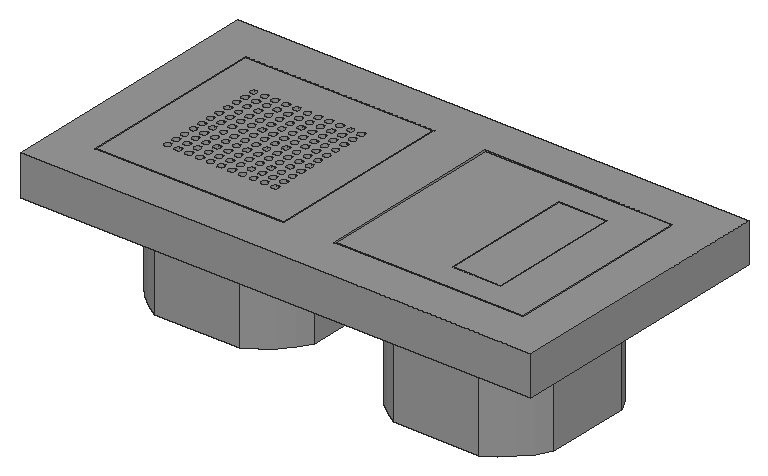
Revit family "Gira_228003", category Electrical Fixtures, host Face, Revit 2017
Family settings
  Host = Face
  Maintain Annotation Orientation = Yes
  Round Connector Dimension = Use Diameter
  Part Type = Normal
  Cut with Voids When Loaded = No
  Shared = No
  Room Calculation Point = No
Parameters (values of type "RDS FM radio speaker System 55 p.white")
  URL = "http://katalog.gira.de/en/datenblatt.html?artikelnr=228003"
  Name = "RDS FM radio speaker System 55 p.white"
  Model = "Radio"
  Manufacturer URL = "https://www.gira.de/"
  Manufacturer = "Gira"
  Keynote = ""
  HeinzeBIM = "https://bimportal.heinze.de/bim/rds-fm-radio-speaker-system-55-p-white/c0d199b9f487306862472d0eb99f98b19cba2467"
  HAN = "228003"
  GTIN = "4010337068013"
  Description = "RDS FM radio spk. Sys55 PW,RDS flush-mounted radio with a speaker,Operating top unit in black glass appearance,pure white glossy,Features:,- FM radio with RDS display for flush-mounted installation.,- The RDS flush-mounted radio consists of a radio insert with operating top unit and speaker insert with cover.,- The radio insert is compactly mounted in a flush-mounted insert and can therefore be installed in a single device box.,- The speaker can be installed in combination with the radio insert or offset in a device box. Two loudspeakers can be connected to the radio insert.,- The radio automatically detects connected speakers and switches between stereo and mono mode.,- With a corresponding RDS signal, the display of the operating top unit shows the station name, the transmission frequency and the time.,- Operation of the radio is using the capacitive buttons of the operating top unit. Operation only requires a light touching of the symbols.,- The RDS flush-mounted radio has two station presets, upon each of which a station setting can simply be saved and called up with the button actuation.,- For example, the radio can be switched on via the auxiliary input with a light switch or automatic control switch together with the room lighting.,- External audio sources, for example an MP3 player, can be connected to the radio via the stereo AUX input of the radio. For connection to the external audio source, an additional phono insert is required which is connected to the AUX terminals of the radio insert.,- The docking station insert is connected directly to the stereo AUX input for music playback.,- In sleep mode the radio switches off automatically 30 minutes after switching on.,,Notes :,- Reception interference can result in combination with additional electronic devices under one cover plate."
  Default Elevation = 1219.2 mm
  Data sheet (1) = "https://katalog.gira.de/en/download.html?artikelnr=228003"
  Category = "Electronic insert for domestic switching devices"
  BIM (1) = "https://media.stage.bim.site/public/gira/36a6b08/Sys55_Komplettgerät_UP-Radio.rfa?public/gira/36a6b08/Sys55_Komplettgerät_UP-Radio.rfa"
  Available = "No"
Reference planes
  plane 1 "Center (Front/Back)": y = 0
  plane 2 "Reference Level 0": z = 0
  plane 3 "Center (Left/Right)": x = 0
  plane 4 "Reference Level 1": z = 11.9
Forms (mm)
  Extrusion 1, solid, material "White", detail levels medium+fine
    sketch origin (0, 0, 0) x (1, 0, 0) y (0, 1, 0)
      loop
        line (-75.892, 40.342) -> (-75.892, -40.342) -> (75.892, -40.342) -> (75.892, 40.342) -> (-75.892, 40.342)
      loop
        line (-7.45, 28.1) -> (-63.65, 28.1) -> (-63.65, -28.1) -> (-7.45, -28.1) -> (-7.45, 28.1)
      loop
        line (7.45, 28.1) -> (7.45, -28.1) -> (63.65, -28.1) -> (63.65, 28.1) -> (7.45, 28.1)
    from 0 to 11.9
  Extrusion 2, solid, material "White", detail levels fine
    sketch origin (0, 0, 0) x (1, 0, 0) y (0, 1, 0)
      loop
        circle (-19.55, 16) r 1
      loop
        circle (-22.75, 16) r 1
      loop
        circle (-25.95, 16) r 1
      loop
        circle (-29.15, 16) r 1
      loop
        circle (-32.35, 16) r 1
      loop
        circle (-35.55, 16) r 1
      loop
        circle (-38.75, 16) r 1
      loop
        circle (-41.95, 16) r 1
      loop
        circle (-45.15, 16) r 1
      loop
        circle (-48.35, 16) r 1
      loop
        circle (-51.55, 16) r 1
      loop
        circle (-19.55, 12.8) r 1
      loop
        circle (-22.75, 12.8) r 1
      loop
        circle (-25.95, 12.8) r 1
      loop
        circle (-29.15, 12.8) r 1
      loop
        circle (-32.35, 12.8) r 1
      loop
        circle (-35.55, 12.8) r 1
      loop
        circle (-38.75, 12.8) r 1
      loop
        circle (-41.95, 12.8) r 1
      loop
        circle (-45.15, 12.8) r 1
      loop
        circle (-48.35, 12.8) r 1
      loop
        circle (-51.55, 12.8) r 1
      loop
        circle (-19.55, 9.6) r 1
      loop
        circle (-22.75, 9.6) r 1
      loop
        circle (-25.95, 9.6) r 1
      loop
        circle (-29.15, 9.6) r 1
      loop
        circle (-32.35, 9.6) r 1
      loop
        circle (-35.55, 9.6) r 1
      loop
        circle (-38.75, 9.6) r 1
      loop
        circle (-41.95, 9.6) r 1
      loop
        circle (-45.15, 9.6) r 1
      loop
        circle (-48.35, 9.6) r 1
      loop
        circle (-51.55, 9.6) r 1
      loop
        circle (-19.55, 6.4) r 1
      loop
        circle (-22.75, 6.4) r 1
      loop
        circle (-25.95, 6.4) r 1
      loop
        circle (-29.15, 6.4) r 1
      loop
        circle (-32.35, 6.4) r 1
      loop
        circle (-35.55, 6.4) r 1
      loop
        circle (-38.75, 6.4) r 1
      loop
        circle (-41.95, 6.4) r 1
      loop
        circle (-45.15, 6.4) r 1
      loop
        circle (-48.35, 6.4) r 1
      loop
        circle (-51.55, 6.4) r 1
      loop
        circle (-19.55, 3.2) r 1
      loop
        circle (-22.75, 3.2) r 1
      loop
        circle (-25.95, 3.2) r 1
      loop
        circle (-29.15, 3.2) r 1
      loop
        circle (-32.35, 3.2) r 1
      loop
        circle (-35.55, 3.2) r 1
      loop
        circle (-38.75, 3.2) r 1
      loop
        circle (-41.95, 3.2) r 1
      loop
        circle (-45.15, 3.2) r 1
      loop
        circle (-48.35, 3.2) r 1
      loop
        circle (-51.55, 3.2) r 1
      loop
        circle (-19.55, 0) r 1
      loop
        circle (-22.75, 0) r 1
      loop
        circle (-25.95, 0) r 1
      loop
        circle (-29.15, 0) r 1
      loop
        circle (-32.35, 0) r 1
      loop
        circle (-35.55, 0) r 1
      loop
        circle (-38.75, 0) r 1
      loop
        circle (-41.95, 0) r 1
      loop
        circle (-45.15, 0) r 1
      loop
        circle (-48.35, 0) r 1
      loop
        circle (-51.55, 0) r 1
      loop
        circle (-19.55, -3.2) r 1
      loop
        circle (-22.75, -3.2) r 1
      loop
        circle (-25.95, -3.2) r 1
      loop
        circle (-29.15, -3.2) r 1
      loop
        circle (-32.35, -3.2) r 1
      loop
        circle (-35.55, -3.2) r 1
      loop
        circle (-38.75, -3.2) r 1
      loop
        circle (-41.95, -3.2) r 1
      loop
        circle (-45.15, -3.2) r 1
      loop
        circle (-48.35, -3.2) r 1
      loop
        circle (-51.55, -3.2) r 1
      loop
        circle (-19.55, -6.4) r 1
      loop
        circle (-22.75, -6.4) r 1
      loop
        circle (-25.95, -6.4) r 1
      loop
        circle (-29.15, -6.4) r 1
      loop
        circle (-32.35, -6.4) r 1
      loop
        circle (-35.55, -6.4) r 1
      loop
        circle (-38.75, -6.4) r 1
      loop
        circle (-41.95, -6.4) r 1
      loop
        circle (-45.15, -6.4) r 1
      loop
        circle (-48.35, -6.4) r 1
      loop
        circle (-51.55, -6.4) r 1
      loop
        circle (-19.55, -9.6) r 1
      loop
        circle (-22.75, -9.6) r 1
      loop
        circle (-25.95, -9.6) r 1
      loop
        circle (-29.15, -9.6) r 1
      loop
        circle (-32.35, -9.6) r 1
      loop
        circle (-35.55, -9.6) r 1
      loop
        circle (-38.75, -9.6) r 1
      loop
        circle (-41.95, -9.6) r 1
      loop
        circle (-45.15, -9.6) r 1
      loop
        circle (-48.35, -9.6) r 1
      loop
        circle (-51.55, -9.6) r 1
      loop
        circle (-19.55, -12.8) r 1
      loop
        circle (-22.75, -12.8) r 1
      loop
        circle (-25.95, -12.8) r 1
      loop
        circle (-29.15, -12.8) r 1
      loop
        circle (-32.35, -12.8) r 1
      loop
        circle (-35.55, -12.8) r 1
      loop
        circle (-38.75, -12.8) r 1
      loop
        circle (-41.95, -12.8) r 1
      loop
        circle (-45.15, -12.8) r 1
      loop
        circle (-48.35, -12.8) r 1
      loop
        circle (-51.55, -12.8) r 1
      loop
        circle (-19.55, -16) r 1
      loop
        circle (-22.75, -16) r 1
      loop
        circle (-25.95, -16) r 1
      loop
        circle (-29.15, -16) r 1
      loop
        circle (-32.35, -16) r 1
      loop
        circle (-35.55, -16) r 1
      loop
        circle (-38.75, -16) r 1
      loop
        circle (-41.95, -16) r 1
      loop
        circle (-45.15, -16) r 1
      loop
        circle (-48.35, -16) r 1
      loop
        circle (-51.55, -16) r 1
      loop
        line (-63.25, 27.7) -> (-63.25, -27.7) -> (-7.85, -27.7) -> (-7.85, 27.7) -> (-63.25, 27.7)
    from 0 to 11.9
  Extrusion 3, solid, material "White", detail levels fine
    sketch origin (0, 0, 0) x (1, 0, 0) y (0, 1, 0)
      loop
        line (7.95, 27.7) -> (7.95, -27.7) -> (63.35, -27.7) -> (63.35, 27.7) -> (7.95, 27.7)
      loop
        line (35.999, -19.679) -> (50.301, -19.679) -> (50.229, 19.679) -> (36.071, 19.679) -> (35.999, -19.679)
    from 0 to 11.9
  Extrusion 4, solid, material "White", detail levels fine
    sketch origin (0, 0, 0) x (1, 0, 0) y (0, 1, 0)
      loop
        line (35.999, -19.679) -> (50.301, -19.679) -> (50.229, 19.679) -> (36.071, 19.679) -> (35.999, -19.679)
    from 0 to 11.9
  Extrusion 5, solid, material "White", detail levels medium
    sketch origin (0, 0, 0) x (1, 0, 0) y (0, 1, 0)
      loop
        line (-63.65, 28.1) -> (-63.65, -28.1) -> (-7.45, -28.1) -> (-7.45, 28.1) -> (-63.65, 28.1)
    from 0 to 11.9
  Extrusion 6, solid, material "White", detail levels medium
    sketch origin (0, 0, 0) x (1, 0, 0) y (0, 1, 0)
      loop
        line (7.45, 28.1) -> (7.45, -28.1) -> (63.65, -28.1) -> (63.65, 28.1) -> (7.45, 28.1)
    from 0 to 11.9
  Extrusion 7, solid, material "Grey", detail levels fine
    sketch origin (0, 0, 0) x (1, 0, 0) y (0, 1, 0)
      loop
        arc (10.55, -12.61) -> (15.751, -19.799) -> (22.94, -25) r 28
        line (22.94, -25) -> (48.16, -25)
        arc (48.16, -25) -> (55.349, -19.799) -> (60.55, -12.61) r 28
        line (60.55, -12.61) -> (60.55, 12.61)
        arc (60.55, 12.61) -> (55.349, 19.799) -> (48.16, 25) r 28
        line (48.16, 25) -> (22.94, 25)
        arc (22.94, 25) -> (15.751, 19.799) -> (10.55, 12.61) r 28
        line (10.55, 12.61) -> (10.55, -12.61)
    from 0 to -31.7
  Extrusion 8, solid, material "Grey", detail levels fine
    sketch origin (0, 0, 0) x (-1, 0, 0) y (0, -1, 0)
      loop
        line (10.55, 12.61) -> (10.55, -12.61)
        arc (10.55, -12.61) -> (15.751, -19.799) -> (22.94, -25) r 28
        line (22.94, -25) -> (48.16, -25)
        arc (48.16, -25) -> (55.349, -19.799) -> (60.55, -12.61) r 28
        line (60.55, -12.61) -> (60.55, 12.61)
        arc (60.55, 12.61) -> (55.349, 19.799) -> (48.16, 25) r 28
        line (48.16, 25) -> (22.94, 25)
        arc (22.94, 25) -> (15.751, 19.799) -> (10.55, 12.61) r 28
    from 0 to -28
  Extrusion 9, solid, detail levels medium
    sketch origin (0, 0, 0) x (-1, 0, 0) y (0, -1, 0)
      loop
        line (10.55, 25) -> (10.55, -25) -> (60.55, -25) -> (60.55, 25) -> (10.55, 25)
    from 0 to -28
  Extrusion 10, solid, detail levels medium
    sketch origin (0, 0, 0) x (1, 0, 0) y (0, 1, 0)
      loop
        line (10.55, -25) -> (60.55, -25) -> (60.55, 25) -> (10.55, 25) -> (10.55, -25)
    from 0 to -31.7
  Extrusion 11, solid, material "Grey", detail levels coarse
    sketch origin (0, 0, 0) x (1, 0, 0) y (0, 1, 0)
      loop
        line (-75.892, 40.342) -> (-75.892, -40.342) -> (75.892, -40.342) -> (75.892, 40.342) -> (-75.892, 40.342)
    from -31.7 to 11.9
Cuts and joins
  joined: Extrusion 7, Extrusion 8
  joined: Extrusion 9, Extrusion 10
Dimensions and locks
  aligned and locked: plane 2 "Reference Level 0" to host face
  aligned and locked: level to host face
Nested families
  nested 1: "Radio Beschriftung" at (0, 0, 0) x (0, 1, 0) z (0, 0, 1), type "Radio Beschriftung"
Connectors
  electrical at (-35.55, 0, -28)
    settings: on cut or joined group of Extrusion 7, Extrusion 8, index 1, voltage 220 V, apparent load 0 VA, apparent load phase1 0 VA, apparent load phase2 0 VA, apparent load phase3 0 VA, power factor 1, load classification "Other", number of poles 1, system type 31, power factor state 1, is connector primary yes, connector utility no, sub classification motor no, connector description ""
Definition of nested family "Radio Beschriftung"
  Reference planes
    plane 1: y = 0
    plane 2: x = 0
  Lines and regions (mm)
    detail lines
      curve 1: line (0, 1, 0) -> (3, 1, 0)
      curve 2: line (0, -1, 0) -> (0, 1, 0)
      curve 3: line (3, -1, 0) -> (0, -1, 0)
      curve 4: line (3, 1, 0) -> (3, -1, 0)
      curve 5: line (2, 1, 0) -> (2, -1, 0)
      curve 6: line (3, 1, 0) -> (2, 0.49, 0)
      curve 7: line (3, -1, 0) -> (2, -0.49, 0)
  Dimensions and locks
    curve 2 to curve 4 = 3 mm
    curve 3 to curve 1 = 2 mm
